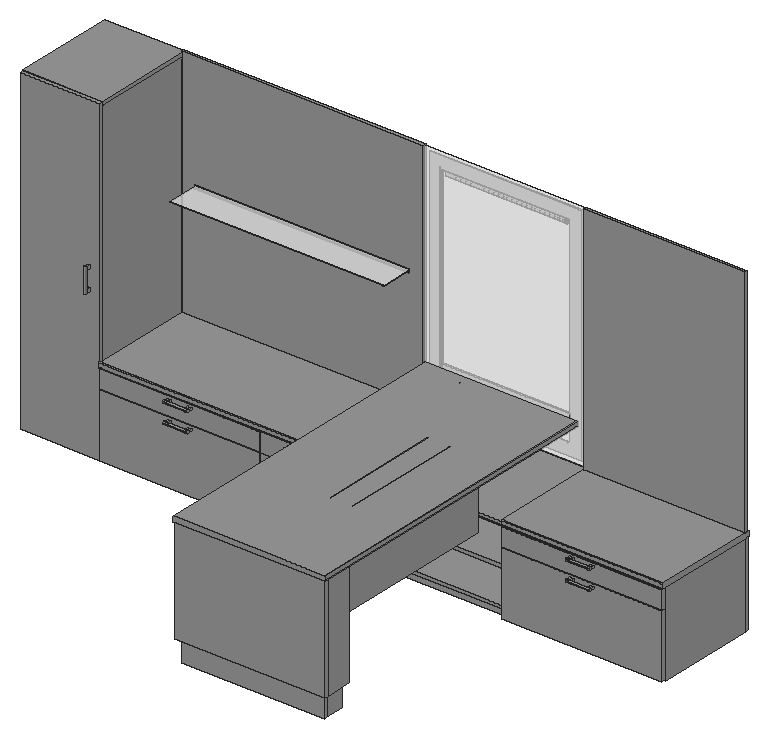
Revit family "JSI-Vision-Typical_Veneer-VSV122", category Furniture, Revit 2020 (continued)
Definition of nested family "JSI-Vision-Adjustable_Height_Peninsula_Desk-Credenza"
  Dimensions and locks (in)
    locked: Extrusion 12 sketch curve to plane 8 at 11.96875
    plane 1 "Center Front/Back" to Extrusion 12 sketch curve to Extrusion 12 sketch curve = 4 3/8" locked, 3/4" locked
    Extrusion 12 to Extrusion 12 to plane 5 = 39 3/4" locked, 7.21481" locked
    equal spacing: plane 7, plane 9, plane 1 "Center Front/Back"
    plane 7 to Extrusion 14 sketch curve to Extrusion 14 sketch curve = 1 5/32" locked, 3/4" locked
    Extrusion 14 sketch curve to Extrusion 14 sketch curve to plane 5 = 6" locked, 0.90231" locked
    plane 3 "Center Left/Right" to Extrusion 15 sketch curve to Extrusion 15 sketch curve to Extrusion 15 sketch curve to Extrusion 15 sketch curve to Extrusion 15 sketch curve to Extrusion 15 sketch curve = 2 27/32" locked, 2 13/16" locked, 3/4" locked, 1/4" locked, 1 3/8" locked, 1/4" locked
    Extrusion 15 sketch curve to Extrusion 15 sketch curve to plane 9 to Extrusion 15 sketch curve to Extrusion 15 sketch curve = 1/4" locked, 1 3/8" locked, 1 3/8" locked, 1/4" locked
    locked: plane 6 to Extrusion 14 at 24.65625
    aligned and locked: level to plane 2
    aligned and locked: plane 6 to Extrusion 1 sketch curve
    aligned and locked: plane 8 to Extrusion 1 sketch curve
    aligned and locked: plane 3 "Center Left/Right" to Extrusion 2 sketch curve
    aligned and locked: Extrusion 2 to plane 1 "Center Front/Back"
    aligned and locked: plane 7 to Extrusion 2
    aligned and locked: Extrusion 3 sketch curve to Extrusion 2
    aligned and locked: Extrusion 4 sketch curve to Extrusion 4 sketch curve  (x2)
    aligned and locked: Extrusion 4 to Extrusion 2
    aligned and locked: Extrusion 4 to plane 4
    aligned and locked: Extrusion 5 sketch curve to plane 3 "Center Left/Right"
    aligned and locked: Extrusion 5 to plane 4
    aligned and locked: Extrusion 5 to Extrusion 2
    aligned and locked: Extrusion 3 to Extrusion 5
    aligned and locked: Extrusion 4 to Extrusion 3
    aligned and locked: Extrusion 7 to Extrusion 6
    aligned and locked: Extrusion 8 to plane 8
    aligned and locked: Extrusion 10 sketch curve to Extrusion 10 sketch curve  (x2)
    aligned and locked: Extrusion 7 to Extrusion 4  (x2)
    aligned and locked: Extrusion 11 sketch curve to Extrusion 7
    aligned and locked: Extrusion 7 to Extrusion 11 sketch curve
    aligned and locked: Extrusion 11 sketch curve to plane 4
    aligned and locked: plane 4 to Extrusion 11 sketch curve
    aligned and locked: Extrusion 11 to Extrusion 4  (x2)
    aligned and locked: Extrusion 12 sketch curve to plane 8
    aligned and locked: Extrusion 13 sketch curve to plane 8  (x2)
    aligned and locked: Extrusion 14 sketch curve to Extrusion 14 sketch curve  (x2)
    aligned and locked: Extrusion 13 to Extrusion 14  (x2)
    aligned and locked: Extrusion 14 to Extrusion 13
    aligned and locked: Extrusion 14 to plane 8
    aligned and locked: Extrusion 2 to nested 2
    aligned and locked: Extrusion 2 to Extrusion 15
    aligned and locked: Extrusion 3 to Extrusion 15
    aligned and locked: Extrusion 8 to Extrusion 14
    aligned and locked: cut or joined group of Extrusion 3, Extrusion 15 to Extrusion 6  (x2)
    aligned and locked: curve 1 to Extrusion 1
    aligned and locked: curve 2 to Extrusion 1
    aligned and locked: curve 3 to Extrusion 1
    aligned and locked: curve 4 to Extrusion 1
    aligned and locked: curve 11 to Extrusion 8
    aligned and locked: curve 12 to Extrusion 8
    aligned and locked: curve 13 to Extrusion 8
    aligned and locked: curve 14 to Extrusion 8
    aligned and locked: curve 23 to Extrusion 12
    aligned and locked: curve 24 to Extrusion 12
    aligned and locked: curve 25 to Extrusion 12
    aligned and locked: curve 26 to Extrusion 12
  Automatic sketch dimensions
    Extrusion 1 sketch curve to Extrusion 1 sketch curve = 0.11811"  (x2)
    Extrusion 1 sketch curve to plane 8 = 1/8"
    Extrusion 1 sketch curve to Extrusion 1 sketch curve = 0"
    plane 3 "Center Left/Right" to Extrusion 4 sketch curve = 3/4"
    Extrusion 4 sketch curve to Extrusion 4 sketch curve = 22 1/8"
    level to Extrusion 6 sketch curve = 1 31/32"
    plane 3 "Center Left/Right" to Extrusion 6 sketch curve = 8.67028"
    Extrusion 6 sketch curve to Extrusion 6 sketch curve = 3/4"
    plane 8 to Extrusion 6 sketch curve = 12 11/32"
    level to Extrusion 7 sketch curve = 9.23844"
    Extrusion 7 sketch curve to Extrusion 7 sketch curve = 3/4"  (x2)
    level to Extrusion 7 sketch curve = 1 31/32"
    Extrusion 7 sketch curve to Extrusion 7 sketch curve = 0.32972"
    Extrusion 13 sketch curve to plane 7 = 1 29/32"
    Extrusion 13 sketch curve to plane 9 = 4 1/8"
    Extrusion 13 sketch curve to Extrusion 13 sketch curve = 1/4"  (x2)
    plane 9 to Extrusion 13 sketch curve = 3 7/8"
    plane 1 "Center Front/Back" to Extrusion 13 sketch curve = 1 29/32"
    Extrusion 13 sketch curve to Extrusion 13 sketch curve = 2 19/32"
    level to Extrusion 13 sketch curve = 4 27/32"
    plane 1 "Center Front/Back" to Extrusion 14 sketch curve = 1 29/32"
    Extrusion 14 sketch curve to Extrusion 14 sketch curve = 3/4"
    Extrusion 15 sketch curve to Extrusion 15 sketch curve = 1/4"
    Extrusion 15 sketch curve to Extrusion 15 sketch curve = 1/8"  (x3)
    Extrusion 15 sketch curve to Extrusion 15 sketch curve = 2 9/16"
    plane 9 to Extrusion 15 sketch curve = 1.40621"
    Extrusion 15 sketch curve to Extrusion 15 sketch curve = 0.03129"
    plane 1 "Center Front/Back" to curve 5 = 0"
    curve 5 to plane 3 "Center Left/Right" = 0"
    plane 7 to curve 7 = 0"
    curve 1 to curve 7 = 22.21087"
    curve 20 to plane 7 = 1 5/32"
    curve 20 to curve 21 = 6"
    plane 1 "Center Front/Back" to curve 16 = 1 5/32"
    curve 20 to curve 18 = 25/32"
    curve 20 to curve 19 = 3/4"
    curve 16 to curve 15 = 3/4"
    curve 10 to curve 9 = 0"
    curve 15 to curve 12 = 0"
    curve 20 to curve 18 = 0"
    curve 9 to curve 23 = 1.28519"
    curve 25 to curve 16 = 5/16"
  Nested families (in)
    nested 1: "Mechanism Credenza" at (0, -18, 0) x (0, 1, 0) z (0, 0, 1), Width <- "Width", Height <- "Height", Upper Leg Finish <- "Upper Leg Finish", Low Leg Finish <- "Low Leg Finish", Support Finish <- "Support Finish", type "Mechanism Credenza"
      with Width 72", Upper Leg Finish none, Support Finish none, Low Leg Finish none, Height 29 1/2"
    nested 2: "Top Grommet" at (7.34375, -18, 19.53125) x (0, -1, 0) z (0, 0, 1), Gromett Finish <- "Grommet Finish", type "Top Grommet"
      with Gromett Finish none
  Definition of nested family "Mechanism Credenza"
    Parameters (values of type "Mechanism Credenza")
      Width [instance] = 71.91413"
      Support Finish [instance] = none
      Low Leg Finish [instance] = none
      Height [instance] = 29 1/2"
      Default Elevation = 0"
      Upper Leg Finish [instance] = none
    Reference planes (in)
      plane 1 "Center (Front/Back)": y = 0
      plane 2: z = 0
      plane 3 "Center (Left/Right)": x = 0
      plane 4: z = 29.5
      plane 5: y = -71.91413
    Forms (in)
      Extrusion 1, solid, material <- "Upper Leg Finish"
        sketch origin (0, 0, 0) x (1, 0, 0) y (0, 1, 0)
          loop
            line (1.09518, -3.07875) -> (-1.05049, -3.07875)
            arc (-1.05049, -3.07875) -> (-1.12009, -3.10758) -> (-1.14892, -3.17718) r 0.09843
            line (-1.14892, -3.17718) -> (-1.14892, -5.32285)
            arc (-1.14892, -5.32285) -> (-1.12009, -5.39244) -> (-1.05049, -5.42127) r 0.09843
            line (-1.05049, -5.42127) -> (1.09518, -5.42127)
            arc (1.09518, -5.42127) -> (1.16477, -5.39244) -> (1.1936, -5.32285) r 0.09843
            line (1.1936, -5.32285) -> (1.1936, -3.17718)
            arc (1.1936, -3.17718) -> (1.16477, -3.10758) -> (1.09518, -3.07875) r 0.09843
          loop
            line (1.09518, -67.36147) -> (-1.05049, -67.36147)
            arc (-1.05049, -67.36147) -> (-1.12009, -67.3903) -> (-1.14892, -67.45989) r 0.09843
            line (-1.14892, -67.45989) -> (-1.14892, -69.60556)
            arc (-1.14892, -69.60556) -> (-1.12009, -69.67516) -> (-1.05049, -69.70399) r 0.09843
            line (-1.05049, -69.70399) -> (1.09518, -69.70399)
            arc (1.09518, -69.70399) -> (1.16477, -69.67516) -> (1.1936, -69.60556) r 0.09843
            line (1.1936, -69.60556) -> (1.1936, -67.45989)
            arc (1.1936, -67.45989) -> (1.16477, -67.3903) -> (1.09518, -67.36147) r 0.09843
        from 2.63878 to 26.43059
      Extrusion 2, solid, material <- "Support Finish"
        sketch origin (0, 0, 0) x (0, 1, 0) y (0, 0, 1)
          loop
            line (-2.08391, 26.43059) -> (-2.08391, 28.19439) -> (-10.74533, 28.19439) -> (-10.74533, 28.006) -> (-10.18323, 28.006) -> (-9.68304, 26.43059) -> (-2.08391, 26.43059)
          loop
            line (-70.66868, 26.43059) -> (-63.06954, 26.43059) -> (-62.56935, 28.006) -> (-62.00726, 28.006) -> (-62.00726, 28.19439) -> (-70.66868, 28.19439) -> (-70.66868, 26.43059)
        from -1.89028 to 1.90897
      Extrusion 3, solid, material <- "Low Leg Finish"
        sketch origin (0, 0, 0) x (1, 0, 0) y (0, 1, 0)
          loop
            arc (-1.25894, -2.84375) -> (-1.34733, -2.88036) -> (-1.38394, -2.96875) r 0.125
            line (-1.38394, -2.96875) -> (-1.38394, -5.53125)
            arc (-1.38394, -5.53125) -> (-1.34733, -5.61964) -> (-1.25894, -5.65625) r 0.125
            line (-1.25894, -5.65625) -> (1.30356, -5.65625)
            arc (1.30356, -5.65625) -> (1.39194, -5.61964) -> (1.42856, -5.53125) r 0.125
            line (1.42856, -5.53125) -> (1.42856, -2.96875)
            arc (1.42856, -2.96875) -> (1.39194, -2.88036) -> (1.30356, -2.84375) r 0.125
            line (1.30356, -2.84375) -> (-1.25894, -2.84375)
          loop
            arc (-1.25894, -67.12648) -> (-1.34733, -67.16309) -> (-1.38394, -67.25148) r 0.125
            line (-1.38394, -67.25148) -> (-1.38394, -69.81398)
            arc (-1.38394, -69.81398) -> (-1.34733, -69.90237) -> (-1.25894, -69.93898) r 0.125
            line (-1.25894, -69.93898) -> (1.30356, -69.93898)
            arc (1.30356, -69.93898) -> (1.39194, -69.90237) -> (1.42856, -69.81398) r 0.125
            line (1.42856, -69.81398) -> (1.42856, -67.25148)
            arc (1.42856, -67.25148) -> (1.39194, -67.16309) -> (1.30356, -67.12648) r 0.125
            line (1.30356, -67.12648) -> (-1.25894, -67.12648)
        from 2.34351 to 26.07628
      Extrusion 4, solid, material <- "Support Finish"
        sketch origin (0, 0, 0) x (1, 0, 0) y (0, 0, 1)
          loop
            arc (-3.00155, 28.19439) -> (-3.05752, 28.17121) -> (-3.08071, 28.11524) r 0.07915
            line (-3.08071, 28.11524) -> (-3.08071, 27.09142)
            arc (-3.08071, 27.09142) -> (-3.05782, 27.03617) -> (-3.00258, 27.01329) r 0.07813
            line (-3.00258, 27.01329) -> (-1.97781, 27.01329)
            arc (-1.97781, 27.01329) -> (-1.92257, 27.03617) -> (-1.89968, 27.09142) r 0.07813
            line (-1.89968, 27.09142) -> (-1.89968, 28.11627)
            arc (-1.89968, 28.11627) -> (-1.92257, 28.17151) -> (-1.97781, 28.19439) r 0.07813
            line (-1.97781, 28.19439) -> (-3.00155, 28.19439)
          loop
            line (3.00155, 28.19439) -> (1.97781, 28.19439)
            arc (1.97781, 28.19439) -> (1.92257, 28.17151) -> (1.89968, 28.11627) r 0.07813
            line (1.89968, 28.11627) -> (1.89968, 27.09142)
            arc (1.89968, 27.09142) -> (1.92257, 27.03617) -> (1.97781, 27.01329) r 0.07813
            line (1.97781, 27.01329) -> (3.00258, 27.01329)
            arc (3.00258, 27.01329) -> (3.05782, 27.03617) -> (3.08071, 27.09142) r 0.07813
            line (3.08071, 27.09142) -> (3.08071, 28.11524)
            arc (3.08071, 28.11524) -> (3.05752, 28.17121) -> (3.00155, 28.19439) r 0.07915
        from 2.00714 to 22.37918
      Extrusion 5, solid, material <- "Support Finish"
        sketch origin (0, -17, 0) x (1, 0, 0) y (0, 0, 1)
          loop
            arc (1.97884, 28.19439) -> (1.92287, 28.17121) -> (1.89968, 28.11524) r 0.07915
            line (1.89968, 28.11524) -> (1.89968, 27.09142)
            arc (1.89968, 27.09142) -> (1.92257, 27.03617) -> (1.97781, 27.01329) r 0.07813
            line (1.97781, 27.01329) -> (3.00374, 27.01329)
            arc (3.00374, 27.01329) -> (3.05816, 27.03583) -> (3.08071, 27.09025) r 0.07696
            line (3.08071, 27.09025) -> (3.08071, 28.11627)
            arc (3.08071, 28.11627) -> (3.05782, 28.17151) -> (3.00258, 28.19439) r 0.07813
            line (3.00258, 28.19439) -> (1.97884, 28.19439)
          loop
            line (-1.97884, 28.19439) -> (-3.00258, 28.19439)
            arc (-3.00258, 28.19439) -> (-3.05782, 28.17151) -> (-3.08071, 28.11627) r 0.07813
            line (-3.08071, 28.11627) -> (-3.08071, 27.09142)
            arc (-3.08071, 27.09142) -> (-3.05782, 27.03617) -> (-3.00258, 27.01329) r 0.07813
            line (-3.00258, 27.01329) -> (-1.97781, 27.01329)
            arc (-1.97781, 27.01329) -> (-1.92257, 27.03617) -> (-1.89968, 27.09142) r 0.07813
            line (-1.89968, 27.09142) -> (-1.89968, 28.11524)
            arc (-1.89968, 28.11524) -> (-1.92287, 28.17121) -> (-1.97884, 28.19439) r 0.07915
        from 33.37475 to 53.7468
      Extrusion 6, solid, material <- "Support Finish"
        sketch origin (0.22987, 0, 0) x (0, 1, 0) y (0, 0, 1)
          loop
            line (-1.88903, 26.00187) -> (-1.88903, 28.15611)
            arc (-1.88903, 28.15611) -> (-1.93483, 28.26669) -> (-2.04542, 28.3125) r 0.15639
            line (-2.04542, 28.3125) -> (-4.44808, 28.3125) -> (-4.44808, 28.19439) -> (-2.04533, 28.19439)
            arc (-2.04533, 28.19439) -> (-2.01832, 28.18321) -> (-2.00714, 28.1562) r 0.03819
            line (-2.00714, 28.1562) -> (-2.00714, 26.00187) -> (-1.88903, 26.00187)
          loop
            line (-70.86491, 26.00187) -> (-70.7468, 26.00187) -> (-70.7468, 28.1562)
            arc (-70.7468, 28.1562) -> (-70.73561, 28.18321) -> (-70.70861, 28.19439) r 0.03819
            line (-70.70861, 28.19439) -> (-68.30586, 28.19439) -> (-68.30586, 28.3125) -> (-70.70852, 28.3125)
            arc (-70.70852, 28.3125) -> (-70.8191, 28.26669) -> (-70.86491, 28.15611) r 0.15639
            line (-70.86491, 28.15611) -> (-70.86491, 26.00187)
        from -9.60269 to 9.15282
      Extrusion 7, void
        sketch origin (0, 0, 0) x (1, 0, 0) y (0, 0, 1)
          loop
            line (-2.79029, 26.74713) -> (-8.93675, 27.38618)
            arc (-8.93675, 27.38618) -> (-9.17651, 27.50808) -> (-9.27297, 27.75917) r 0.375
            line (-9.27297, 27.75917) -> (-9.27297, 28.49501) -> (-9.54129, 28.49501) -> (-9.54129, 25.74501) -> (-2.04129, 25.74501) -> (-2.04129, 25.99501)
            arc (-2.04129, 25.99501) -> (-2.30982, 26.09635) -> (-2.42804, 26.3579) r 0.37501
            arc (-2.42804, 26.3579) -> (-2.53617, 26.62045) -> (-2.79029, 26.74713) r 0.40427
          loop
            arc (2.79029, 26.74713) -> (2.53617, 26.62045) -> (2.42804, 26.3579) r 0.40427
            arc (2.42804, 26.3579) -> (2.30982, 26.09635) -> (2.04129, 25.99501) r 0.37501
            line (2.04129, 25.99501) -> (2.04129, 25.74501) -> (9.54129, 25.74501) -> (9.54129, 28.49501) -> (9.27297, 28.49501) -> (9.27297, 27.75917)
            arc (9.27297, 27.75917) -> (9.17651, 27.50808) -> (8.93675, 27.38618) r 0.375
            line (8.93675, 27.38618) -> (2.79029, 26.74713)
        from 0 to 71.91413
      Extrusion 8, solid, material <- "Support Finish"
        sketch origin (0, 0, 0) x (1, 0, 0) y (0, 0, 1)
          loop
            line (-2.95998, 28.19439) -> (-2.95998, 27.49106)
            arc (-2.95998, 27.49106) -> (-2.94367, 27.42126) -> (-2.89811, 27.36592) r 0.15748
            arc (-2.89811, 27.36592) -> (-2.46785, 27.22036) -> (-2.03759, 27.36592) r 0.70866
            arc (-2.03759, 27.36592) -> (-1.99204, 27.42126) -> (-1.97573, 27.49106) r 0.15748
            line (-1.97573, 27.49106) -> (-1.97573, 28.19439) -> (-2.95998, 28.19439)
          loop
            line (2.95998, 28.19439) -> (1.97573, 28.19439) -> (1.97573, 27.49106)
            arc (1.97573, 27.49106) -> (1.99204, 27.42126) -> (2.03759, 27.36592) r 0.15748
            arc (2.03759, 27.36592) -> (2.46785, 27.22036) -> (2.89811, 27.36592) r 0.70866
            arc (2.89811, 27.36592) -> (2.94367, 27.42126) -> (2.95998, 27.49106) r 0.15748
            line (2.95998, 27.49106) -> (2.95998, 28.19439)
        from 19.69808 to 53.05586
      Extrusion 9, void
        sketch origin (0, 0, 0) x (1, 0, 0) y (0, 1, 0)
          loop
            arc (-4.45866, -3.56324) -> (-4.5685, -3.29807) -> (-4.83366, -3.18824) r 0.375
            line (-4.83366, -3.18824) -> (-8.91827, -3.18824)
            arc (-8.91827, -3.18824) -> (-9.15848, -3.09928) -> (-9.28281, -2.87532) r 0.3688
            line (-9.28281, -2.87532) -> (-9.50324, -2.87532) -> (-9.50324, -4.5913) -> (-4.04569, -4.5913) -> (-4.04569, -4.46735)
            arc (-4.04569, -4.46735) -> (-4.33771, -4.3464) -> (-4.45866, -4.05438) r 0.41297
            line (-4.45866, -4.05438) -> (-4.45866, -3.56324)
          loop
            line (4.45866, -3.56324) -> (4.45866, -4.05438)
            arc (4.45866, -4.05438) -> (4.33771, -4.3464) -> (4.04569, -4.46735) r 0.41297
            line (4.04569, -4.46735) -> (4.04569, -4.5913) -> (9.50324, -4.5913) -> (9.50324, -2.87532) -> (9.28281, -2.87532)
            arc (9.28281, -2.87532) -> (9.15848, -3.09928) -> (8.91827, -3.18824) r 0.3688
            line (8.91827, -3.18824) -> (4.83366, -3.18824)
            arc (4.83366, -3.18824) -> (4.5685, -3.29807) -> (4.45866, -3.56324) r 0.375
          loop
            line (-4.45866, -69.1907) -> (-4.45866, -68.69956)
            arc (-4.45866, -68.69956) -> (-4.33771, -68.40754) -> (-4.04569, -68.28659) r 0.41297
            line (-4.04569, -68.28659) -> (-4.04569, -68.16264) -> (-9.50324, -68.16264) -> (-9.50324, -69.87861) -> (-9.28281, -69.87861)
            arc (-9.28281, -69.87861) -> (-9.15848, -69.65466) -> (-8.91827, -69.5657) r 0.3688
            line (-8.91827, -69.5657) -> (-4.83366, -69.5657)
            arc (-4.83366, -69.5657) -> (-4.5685, -69.45586) -> (-4.45866, -69.1907) r 0.375
          loop
            arc (4.45866, -69.1907) -> (4.5685, -69.45586) -> (4.83366, -69.5657) r 0.375
            line (4.83366, -69.5657) -> (8.91827, -69.5657)
            arc (8.91827, -69.5657) -> (9.15848, -69.65466) -> (9.28281, -69.87861) r 0.3688
            line (9.28281, -69.87861) -> (9.50324, -69.87861) -> (9.50324, -68.16264) -> (4.04569, -68.16264) -> (4.04569, -68.28659)
            arc (4.04569, -68.28659) -> (4.33771, -68.40754) -> (4.45866, -68.69956) r 0.41297
            line (4.45866, -68.69956) -> (4.45866, -69.1907)
        from 29.5 to 25.5
    Cuts and joins
      Extrusion 7, Extrusion 9 cuts Extrusion 6
    Lines and regions (in)
      symbolic lines
        curve 1: line (9.27297, -1.88903, 0) -> (-9.27297, -1.88903, 0)
        curve 2: line (-3.08071, -49.98105, 0) -> (-1.89968, -49.98105, 0)
        curve 3: line (-1.89968, -49.98105, 0) -> (-1.89968, -68.30586, 0)
        curve 4: line (-3.08071, -49.98105, 0) -> (-3.08071, -68.30586, 0)
        curve 5: line (3.08071, -49.98105, 0) -> (3.08071, -68.30586, 0)
        curve 6: line (3.08071, -49.98105, 0) -> (1.89968, -49.98105, 0)
        curve 7: line (1.89968, -49.98105, 0) -> (1.89968, -68.30586, 0)
        curve 8: line (-1.89968, -22.77289, 0) -> (-3.08071, -22.77289, 0)
        curve 9: line (-3.08071, -22.77289, 0) -> (-3.08071, -4.44808, 0)
        curve 10: line (-1.89968, -22.77289, 0) -> (-1.89968, -4.44808, 0)
        curve 11: line (1.89968, -22.77289, 0) -> (3.08071, -22.77289, 0)
        curve 12: line (3.08071, -22.77289, 0) -> (3.08071, -4.44808, 0)
        curve 13: line (1.89968, -22.77289, 0) -> (1.89968, -4.44808, 0)
        curve 14: line (-2.95998, -22.77289, 0) -> (-2.95998, -49.98105, 0)
        curve 15: line (-1.97884, -49.98105, 0) -> (-1.97884, -22.76845, 0)
        curve 16: line (1.97781, -22.77289, 0) -> (1.97781, -49.98105, 0)
        curve 17: line (2.95998, -49.98105, 0) -> (2.95998, -22.77289, 0)
        curve 18: line (-8.91827, -3.18824, 0) -> (-4.83366, -3.18824, 0)
        curve 19: arc (-4.83366, -3.18824, 0) -> (-4.5685, -3.29807, 0) -> (-4.45866, -3.56324, 0) r 0.375
        curve 20: line (-4.45866, -3.56324, 0) -> (-4.45866, -4.05438, 0)
        curve 21: arc (-4.45866, -4.05438, 0) -> (-4.37888, -4.29837, 0) -> (-4.17037, -4.44808, 0) r 0.41297
        curve 22: line (-4.17037, -4.44808, 0) -> (4.17037, -4.44808, 0)
        curve 23: arc (4.17037, -4.44808, 0) -> (4.37888, -4.29837, 0) -> (4.45866, -4.05438, 0) r 0.41297
        curve 24: line (4.45866, -4.05438, 0) -> (4.45866, -3.56324, 0)
        curve 25: arc (4.45866, -3.56324, 0) -> (4.5685, -3.29807, 0) -> (4.83366, -3.18824, 0) r 0.375
        curve 26: line (4.83366, -3.18824, 0) -> (8.91827, -3.18824, 0)
        curve 27: arc (8.91827, -3.18824, 0) -> (9.14049, -3.11377, 0) -> (9.27297, -2.92044, 0) r 0.3688
        curve 28: line (9.27297, -2.92044, 0) -> (9.27297, -1.88903, 0)
        curve 29: line (9.27297, -1.88903, 0) -> (-9.27297, -1.88903, 0)
        curve 30: line (-9.27297, -1.88903, 0) -> (-9.27297, -2.92044, 0)
        curve 31: arc (-9.27297, -2.92044, 0) -> (-9.14049, -3.11377, 0) -> (-8.91827, -3.18824, 0) r 0.3688
        curve 32: line (-4.83366, -69.5657, 0) -> (-8.91827, -69.5657, 0)
        curve 33: arc (-8.91827, -69.5657, 0) -> (-9.14049, -69.64016, 0) -> (-9.27297, -69.83349, 0) r 0.3688
        curve 34: line (-9.27297, -69.83349, 0) -> (-9.27297, -70.86491, 0)
        curve 35: line (-9.27297, -70.86491, 0) -> (9.27297, -70.86491, 0)
        curve 36: line (9.27297, -70.86491, 0) -> (9.27297, -69.83349, 0)
        curve 37: arc (9.27297, -69.83349, 0) -> (9.14049, -69.64016, 0) -> (8.91827, -69.5657, 0) r 0.3688
        curve 38: line (8.91827, -69.5657, 0) -> (4.83366, -69.5657, 0)
        curve 39: arc (4.83366, -69.5657, 0) -> (4.5685, -69.45586, 0) -> (4.45866, -69.1907, 0) r 0.375
        curve 40: line (4.45866, -69.1907, 0) -> (4.45866, -68.69956, 0)
        curve 41: arc (4.45866, -68.69956, 0) -> (4.37888, -68.45557, 0) -> (4.17037, -68.30586, 0) r 0.41297
        curve 42: line (4.17037, -68.30586, 0) -> (-4.17037, -68.30586, 0)
        curve 43: arc (-4.17037, -68.30586, 0) -> (-4.37888, -68.45557, 0) -> (-4.45866, -68.69956, 0) r 0.41297
        curve 44: line (-4.45866, -68.69956, 0) -> (-4.45866, -69.1907, 0)
        curve 45: arc (-4.45866, -69.1907, 0) -> (-4.5685, -69.45586, 0) -> (-4.83366, -69.5657, 0) r 0.375
    Dimensions and locks (in)
      plane 2 to Extrusion 3 to Extrusion 3 = 2.34351", 23.73278"
      "Height": plane 2 to plane 4
      Extrusion 1 to Extrusion 1 to plane 4 = 23.79181" locked, 3.06941" locked
      Extrusion 2 sketch curve to Extrusion 2 sketch curve to Extrusion 2 sketch curve to plane 4 = 1.57541" locked, 0.18839" locked, 1.30561" locked  (x2)
      plane 1 "Center (Front/Back)" to Extrusion 4 to Extrusion 8 to Extrusion 4 = 2.00714" locked, 17.69094" locked, 2.6811" locked
      Extrusion 4 sketch curve to Extrusion 4 sketch curve to Extrusion 4 sketch curve to Extrusion 4 sketch curve to plane 3 "Center (Left/Right)" to Extrusion 4 sketch curve to Extrusion 4 sketch curve to Extrusion 4 sketch curve to Extrusion 4 sketch curve = 0.07915" locked, 1.02374" locked, 5/64" locked, 1.89968" locked, 1.89968" locked, 5/64" locked, 1.02374" locked, 0.07915" locked
      plane 4 to Extrusion 4 sketch curve to Extrusion 4 sketch curve to Extrusion 4 sketch curve to Extrusion 4 sketch curve = 1.30561" locked, 0.07915" locked, 1.02382" locked, 5/64" locked
      plane 1 "Center (Front/Back)" to Extrusion 2 sketch curve to Extrusion 2 sketch curve to Extrusion 2 sketch curve to Extrusion 2 sketch curve = 2.08391" locked, 7.59913" locked, 0.50019" locked, 0.5621" locked
      Extrusion 3 sketch curve to plane 3 "Center (Left/Right)" to Extrusion 3 sketch curve = 1.38394" locked, 1.42856" locked
      Extrusion 3 sketch curve to Extrusion 3 sketch curve to plane 1 "Center (Front/Back)" = 2 13/16" locked, 2 27/32" locked
      Extrusion 3 sketch curve to Extrusion 3 sketch curve to plane 5 = 2 13/16" locked, 1.97515" locked
      Extrusion 1 sketch curve to Extrusion 1 sketch curve to plane 5 = 2.34252" locked, 2.21014" locked
      Extrusion 5 to Extrusion 8 to Extrusion 5 to plane 5 = 2.6811" locked, 17.69094" locked, 1.16733" locked
      Extrusion 5 sketch curve to Extrusion 5 sketch curve to Extrusion 5 sketch curve to Extrusion 5 sketch curve to Extrusion 5 sketch curve to Extrusion 5 sketch curve to Extrusion 5 sketch curve to Extrusion 5 sketch curve = 5/64" locked, 1.02374" locked, 0.07915" locked, 3.79937" locked, 0.07915" locked, 1.02374" locked, 5/64" locked
      plane 4 to Extrusion 5 sketch curve to Extrusion 5 sketch curve to Extrusion 5 sketch curve to Extrusion 5 sketch curve = 1.30561" locked, 0.07915" locked, 1.02382" locked, 5/64" locked
      plane 1 "Center (Front/Back)" to Extrusion 6 sketch curve to Extrusion 6 sketch curve to Extrusion 6 sketch curve to Extrusion 6 sketch curve = 1.88903" locked, 0.11811" locked, 0.03819" locked, 2.40275" locked
      Extrusion 6 sketch curve to Extrusion 6 sketch curve to Extrusion 6 sketch curve to Extrusion 6 sketch curve to plane 5 = 2.40275" locked, 0.03819" locked, 0.11811" locked, 1.04922" locked
      Extrusion 6 to plane 3 "Center (Left/Right)" to Extrusion 6 = 9.37282" locked, 9.38268" locked
      Extrusion 7 sketch curve to Extrusion 7 sketch curve to Extrusion 7 sketch curve to Extrusion 7 sketch curve to Extrusion 7 sketch curve to Extrusion 7 sketch curve to plane 3 "Center (Left/Right)" to Extrusion 7 sketch curve to Extrusion 7 sketch curve to Extrusion 7 sketch curve to Extrusion 7 sketch curve to Extrusion 7 sketch curve to Extrusion 7 sketch curve = 0.26831" locked, 3/8" locked, 6.06587" locked, 0.77888" locked, 0.01193" locked, 2.04129" locked, 2.04129" locked, 0.01193" locked, 0.77888" locked, 6.06587" locked, 3/8" locked, 0.26831" locked
      plane 4 to Extrusion 7 sketch curve to Extrusion 7 sketch curve to Extrusion 7 sketch curve to Extrusion 7 sketch curve to Extrusion 7 sketch curve = 1.00499" locked, 0.73585" locked, 1.38933" locked, 0.0248" locked, 0.60002" locked
      plane 5 to Extrusion 2 sketch curve to Extrusion 2 sketch curve to Extrusion 2 sketch curve to Extrusion 2 sketch curve = 1.24545" locked, 7.59913" locked, 0.50019" locked, 0.5621" locked
      plane 4 to Extrusion 8 sketch curve to Extrusion 8 sketch curve to Extrusion 8 sketch curve to Extrusion 8 sketch curve = 1.30561" locked, 0.26537" locked, 0.43796" locked, 0" locked
      Extrusion 8 sketch curve to Extrusion 8 sketch curve to Extrusion 8 sketch curve to Extrusion 8 sketch curve to Extrusion 8 sketch curve to plane 3 "Center (Left/Right)" to Extrusion 8 sketch curve to Extrusion 8 sketch curve to Extrusion 8 sketch curve to Extrusion 8 sketch curve to Extrusion 8 sketch curve = 0.15748" locked, 0.33465" locked, 0.33465" locked, 0.15748" locked, 1.97573" locked, 1.97573" locked, 0.15748" locked, 0.33465" locked, 0.33465" locked, 0.15748" locked
      "Width": plane 1 "Center (Front/Back)" to plane 5
      Extrusion 9 sketch curve to Extrusion 9 sketch curve to Extrusion 9 sketch curve to Extrusion 9 sketch curve to Extrusion 9 sketch curve to Extrusion 9 sketch curve to plane 1 "Center (Front/Back)" = 0.53691" locked, 0.49114" locked, 3/8" locked, 0.31292" locked, 0.05588" locked, 2.81944" locked
      Extrusion 9 sketch curve to Extrusion 9 sketch curve to Extrusion 9 sketch curve to Extrusion 9 sketch curve to Extrusion 9 sketch curve to Extrusion 9 sketch curve to plane 5 = 0.53691" locked, 0.49114" locked, 3/8" locked, 0.31292" locked, 0.05588" locked, 1.97963" locked
      locked: Extrusion 9 to Extrusion 9 at 4
      aligned and locked: plane 2 to level
      aligned and locked: Extrusion 1 to Extrusion 2
      aligned and locked: Extrusion 4 sketch curve to Extrusion 4 sketch curve
      aligned and locked: Extrusion 3 sketch curve to Extrusion 3 sketch curve  (x2)
      aligned and locked: Extrusion 1 sketch curve to Extrusion 1 sketch curve  (x2)
      aligned and locked: Extrusion 5 sketch curve to Extrusion 5 sketch curve
      aligned and locked: Extrusion 6 sketch curve to Extrusion 6 sketch curve  (x2)
      aligned and locked: Extrusion 7 sketch curve to Extrusion 7 sketch curve  (x2)
      aligned and locked: Extrusion 7 to plane 1 "Center (Front/Back)"
      aligned and locked: Extrusion 7 to plane 5
      aligned and locked: Extrusion 4 to cut or joined group of Extrusion 6, Extrusion 7, Extrusion 9
      aligned and locked: Extrusion 5 to cut or joined group of Extrusion 6, Extrusion 7, Extrusion 9
      aligned and locked: Extrusion 8 sketch curve to Extrusion 8 sketch curve
      aligned and locked: Extrusion 8 to curve 14
      aligned and locked: Extrusion 4 to curve 16
      aligned and locked: Extrusion 8 to curve 17
      aligned and locked: Extrusion 9 sketch curve to Extrusion 9 sketch curve  (x6)
      aligned and locked: Extrusion 9 to plane 4
      aligned and locked: curve 19 to cut or joined group of Extrusion 6, Extrusion 7, Extrusion 9
      aligned and locked: curve 21 to cut or joined group of Extrusion 6, Extrusion 7, Extrusion 9
      aligned and locked: curve 22 to cut or joined group of Extrusion 6, Extrusion 7, Extrusion 9
      aligned and locked: curve 23 to cut or joined group of Extrusion 6, Extrusion 7, Extrusion 9
      aligned and locked: curve 25 to cut or joined group of Extrusion 6, Extrusion 7, Extrusion 9
      aligned and locked: curve 27 to cut or joined group of Extrusion 6, Extrusion 7, Extrusion 9
      aligned and locked: curve 31 to cut or joined group of Extrusion 6, Extrusion 7, Extrusion 9
      aligned and locked: curve 29 to cut or joined group of Extrusion 6, Extrusion 7, Extrusion 9
      aligned and locked: curve 33 to cut or joined group of Extrusion 6, Extrusion 7, Extrusion 9
      aligned and locked: curve 37 to cut or joined group of Extrusion 6, Extrusion 7, Extrusion 9
      aligned and locked: curve 41 to cut or joined group of Extrusion 6, Extrusion 7, Extrusion 9
      aligned and locked: curve 42 to cut or joined group of Extrusion 6, Extrusion 7, Extrusion 9
      aligned and locked: curve 45 to cut or joined group of Extrusion 6, Extrusion 7, Extrusion 9
      aligned and locked: curve 35 to cut or joined group of Extrusion 6, Extrusion 7, Extrusion 9
    Automatic sketch dimensions
      curve 8 to curve 14 = 0.12073"
      curve 4 to curve 14 = 0.12073"
      curve 14 to curve 3 = 1.06029"
      curve 14 to curve 10 = 1.06029"
      curve 6 to curve 16 = 5/64"
      curve 13 to curve 16 = 5/64"
      curve 17 to curve 11 = 0.12073"
      curve 17 to curve 5 = 0.12073"
      curve 4 to curve 4 = 18.3248"
      curve 2 to curve 7 = 0"
      curve 8 to curve 11 = 0"
      curve 15 to curve 2 = 0.07915"
      curve 8 to curve 15 = 0.00443"
      Extrusion 1 sketch curve to plane 3 "Center (Left/Right)" = 1.14892"
      Extrusion 1 sketch curve to Extrusion 1 sketch curve = 0.09843"  (x5)
      plane 3 "Center (Left/Right)" to Extrusion 1 sketch curve = 1.09518"  (x4)
      plane 1 "Center (Front/Back)" to Extrusion 1 sketch curve = 5.42127"
      Extrusion 1 sketch curve to Extrusion 1 sketch curve = 2.14567"
      Extrusion 3 sketch curve to Extrusion 3 sketch curve = 1/8"  (x8)
      Extrusion 4 sketch curve to Extrusion 4 sketch curve = 5/64"  (x3)
      Extrusion 4 sketch curve to Extrusion 4 sketch curve = 1.10195"
      Extrusion 5 sketch curve to plane 3 "Center (Left/Right)" = 3.08071"
      Extrusion 5 sketch curve to Extrusion 5 sketch curve = 5/64"  (x2)
      Extrusion 5 sketch curve to Extrusion 5 sketch curve = 0.07696"
      Extrusion 5 sketch curve to Extrusion 5 sketch curve = 1.10195"
      Extrusion 6 sketch curve to Extrusion 6 sketch curve = 0.00009"  (x2)
      plane 4 to Extrusion 6 sketch curve = 3.49813"  (x2)
      plane 4 to Extrusion 6 sketch curve = 1.34389"
      Extrusion 6 sketch curve to Extrusion 6 sketch curve = 0.0001"
      plane 4 to Extrusion 7 sketch curve = 2.11382"  (x2)
      Extrusion 7 sketch curve to Extrusion 7 sketch curve = 0.04181"  (x2)
      Extrusion 7 sketch curve to Extrusion 7 sketch curve = 0.03878"
      Extrusion 7 sketch curve to Extrusion 7 sketch curve = 1/4"  (x2)
      Extrusion 7 sketch curve to Extrusion 7 sketch curve = 0.35002"
      Extrusion 7 sketch curve to Extrusion 7 sketch curve = 0.37482"
      Extrusion 7 sketch curve to Extrusion 7 sketch curve = 0.4021"  (x2)
      Extrusion 8 sketch curve to Extrusion 8 sketch curve = 0.70334"  (x2)
      Extrusion 8 sketch curve to Extrusion 8 sketch curve = 0.43796"
      Extrusion 8 sketch curve to Extrusion 8 sketch curve = 0"  (x2)
      Extrusion 9 sketch curve to plane 3 "Center (Left/Right)" = 9.50324"  (x2)
      Extrusion 9 sketch curve to Extrusion 9 sketch curve = 0.22043"  (x3)
      Extrusion 9 sketch curve to Extrusion 9 sketch curve = 4.08461"  (x4)
      Extrusion 9 sketch curve to Extrusion 9 sketch curve = 0.41297"  (x4)
      plane 5 to Extrusion 9 sketch curve = 3.21457"
      plane 3 "Center (Left/Right)" to Extrusion 9 sketch curve = 4.04569"  (x2)
      Extrusion 9 sketch curve to Extrusion 9 sketch curve = 3/8"  (x2)
      plane 5 to Extrusion 9 sketch curve = 1.97963"
      Extrusion 9 sketch curve to Extrusion 9 sketch curve = 0.36454"
      Extrusion 9 sketch curve to Extrusion 9 sketch curve = 0.58497"
      Extrusion 9 sketch curve to Extrusion 9 sketch curve = 0.12394"
      curve 9 to curve 9 = 18.3248"
      curve 26 to curve 28 = 0.2678"
      curve 18 to curve 30 = 0.2678"
      curve 43 to curve 42 = 0.2883"
      curve 43 to curve 43 = 0.12467"
      curve 40 to curve 38 = 3/8"
      curve 33 to curve 34 = 0.101"
      curve 37 to curve 36 = 0.101"
  Definition of nested family "Top Grommet"
    Parameters (values of type "Top Grommet")
      Gromett Finish [instance] = none
      Default Elevation = 0"
    Reference planes (in)
      plane 1 "Center Front/Back": y = 0
      plane 2: z = 0
      plane 3 "Center Left/Right": x = 0
    Forms (in)
      Sweep 1, solid, material <- "Gromett Finish"
        path origin (0, 0, 0) x (1, 0, 0) y (0, 1, 0)
          loop
            line (-1.75, 0.6875) -> (-1.75, -0.6875)
            arc (-1.75, -0.6875) -> (-1.64016, -0.95267) -> (-1.375, -1.0625) r 0.375
            line (-1.375, -1.0625) -> (1.375, -1.0625)
            arc (1.375, -1.0625) -> (1.64016, -0.95267) -> (1.75, -0.6875) r 0.375
            line (1.75, -0.6875) -> (1.75, 0.6875)
            arc (1.75, 0.6875) -> (1.64016, 0.95267) -> (1.375, 1.0625) r 0.375
            line (1.375, 1.0625) -> (-1.375, 1.0625)
            arc (-1.375, 1.0625) -> (-1.64016, 0.95267) -> (-1.75, 0.6875) r 0.375
        profile origin (-1.75, 0, 0) x (1, 0, 0) y (0, 0, 1)
          loop
            line (0.1875, 0) -> (0.1875, 0.03125) -> (0.08268, 0.03125)
            arc (0.08268, 0.03125) -> (0.03849, 0.02318) -> (0, 0) r 0.125
            line (0, 0) -> (0.1875, 0)
      Extrusion 2, solid, material <- "Gromett Finish"
        sketch origin (0, 0, 0) x (1, 0, 0) y (0, 1, 0)
          loop
            line (0.59375, 0.40625) -> (-0.59375, 0.40625)
            arc (-0.59375, 0.40625) -> (-0.77053, 0.33303) -> (-0.84375, 0.15625) r 0.25
            line (-0.84375, 0.15625) -> (-0.84375, -0.15625)
            arc (-0.84375, -0.15625) -> (-0.77053, -0.33303) -> (-0.59375, -0.40625) r 0.25
            line (-0.59375, -0.40625) -> (0.59375, -0.40625)
            arc (0.59375, -0.40625) -> (0.77053, -0.33303) -> (0.84375, -0.15625) r 0.25
            line (0.84375, -0.15625) -> (0.84375, 0.15625)
            arc (0.84375, 0.15625) -> (0.77053, 0.33303) -> (0.59375, 0.40625) r 0.25
          loop
            line (1.375, 0.85938) -> (-1.375, 0.85938)
            arc (-1.375, 0.85938) -> (-1.49653, 0.80903) -> (-1.54687, 0.6875) r 0.17188
            line (-1.54687, 0.6875) -> (-1.54687, -0.6875)
            arc (-1.54687, -0.6875) -> (-1.49653, -0.80903) -> (-1.375, -0.85937) r 0.17187
            line (-1.375, -0.85937) -> (1.375, -0.85937)
            arc (1.375, -0.85937) -> (1.49653, -0.80903) -> (1.54687, -0.6875) r 0.17188
            line (1.54687, -0.6875) -> (1.54687, 0.6875)
            arc (1.54687, 0.6875) -> (1.49653, 0.80903) -> (1.375, 0.85938) r 0.17188
        from -0.09375 to 0.03125
    Lines and regions (in)
      symbolic lines
        curve 1: line (-1.75, 0.6875, 0) -> (-1.75, -0.6875, 0)
        curve 2: arc (-1.75, -0.6875, 0) -> (-1.64016, -0.95267, 0) -> (-1.375, -1.0625, 0) r 0.375
        curve 3: line (-1.375, -1.0625, 0) -> (1.375, -1.0625, 0)
        curve 4: arc (1.375, -1.0625, 0) -> (1.64016, -0.95267, 0) -> (1.75, -0.6875, 0) r 0.375
        curve 5: line (1.75, -0.6875, 0) -> (1.75, 0.6875, 0)
        curve 6: arc (1.75, 0.6875, 0) -> (1.64016, 0.95267, 0) -> (1.375, 1.0625, 0) r 0.375
        curve 7: line (1.375, 1.0625, 0) -> (-1.375, 1.0625, 0)
        curve 8: arc (-1.375, 1.0625, 0) -> (-1.64016, 0.95267, 0) -> (-1.75, 0.6875, 0) r 0.375
        curve 9: line (0.59375, 0.40625, 0) -> (-0.59375, 0.40625, 0)
        curve 10: arc (-0.59375, 0.40625, 0) -> (-0.77053, 0.33303, 0) -> (-0.84375, 0.15625, 0) r 0.25
        curve 11: line (-0.84375, 0.15625, 0) -> (-0.84375, -0.15625, 0)
        curve 12: arc (-0.84375, -0.15625, 0) -> (-0.77053, -0.33303, 0) -> (-0.59375, -0.40625, 0) r 0.25
        curve 13: line (-0.59375, -0.40625, 0) -> (0.59375, -0.40625, 0)
        curve 14: arc (0.59375, -0.40625, 0) -> (0.77053, -0.33303, 0) -> (0.84375, -0.15625, 0) r 0.25
        curve 15: line (0.84375, -0.15625, 0) -> (0.84375, 0.15625, 0)
        curve 16: arc (0.84375, 0.15625, 0) -> (0.77053, 0.33303, 0) -> (0.59375, 0.40625, 0) r 0.25
    Dimensions and locks (in)
      aligned and locked: level to plane 2
Definition of nested family "JSI-Vision-Wall_Panel_Laminate"
  Parameters (values of type "Type Catalog")
    Width = 60"
    URL = "www.jsifurniture.com"
    Type Comments = ""
    Series = "Vision Casegoods"  # constant formula
    Model = "Type Catalog"
    Material = ""
    Manufacturer = "JSI"  # constant formula
    Keynote = "12500"  # constant formula
    SVX Enviromental Website = "http://www.jsifurniture.com/jsi_sustainability_intro.php"
    Height = 25"
    Hardware Finish = none
    Description = "Type Catalog"
    Depth = 15/16"
    Panel Finish = none
    Default Elevation = 0"
    Assembly Code = "E2020200"
  Reference planes (in)
    plane 1 "Center Front/Back": y = 0
    plane 2: z = 0
    plane 3 "Center Left/Right": x = 0
    plane 4: z = 0
    plane 5: z = 54.5
    plane 6: x = 60
    plane 7: y = -0.9375
    plane 8: z = 29.5
  Forms (in)
    Extrusion 1, solid, material <- "Panel Finish"
      sketch origin (0, -0.25, 0) x (1, 0, 0) y (0, 0, 1)
        loop
          line (0, 54.5) -> (0, 29.5) -> (60, 29.5) -> (60, 54.5) -> (0, 54.5)
      from 0.03002 to 0.6875
    Extrusion 2, solid, material <- "Hardware Finish"
      sketch origin (0, 0, 0) x (0, 1, 0) y (0, 0, 1)
        loop
          line (0, 36.40108) -> (0, 39.0625) -> (-0.28002, 39.0625) -> (-0.28002, 36.40108) -> (-0.20128, 36.40108) -> (-0.20128, 36.95226) -> (-0.07874, 36.95226) -> (-0.07874, 36.40108) -> (0, 36.40108)
      from 32.33858 to 3.66142
    Extrusion 3, solid, material <- "Hardware Finish"
      sketch origin (0, 0, 0) x (0, 1, 0) y (0, 0, 1)
        loop
          line (-0.1808, 36.95191) -> (-0.1808, 36.15) -> (-0.0558, 36.15) -> (-0.0558, 35.15) -> (0.0192, 35.15) -> (0.0192, 35.23062)
          arc (0.0192, 35.23062) -> (-0.01092, 35.26074) -> (0.0192, 35.29087) r 0.03012
          line (0.0192, 35.29087) -> (0.0192, 35.35562)
          arc (0.0192, 35.35562) -> (-0.01092, 35.38574) -> (0.0192, 35.41587) r 0.03012
          line (0.0192, 35.41587) -> (0.0192, 35.48062)
          arc (0.0192, 35.48062) -> (-0.01092, 35.51074) -> (0.0192, 35.54087) r 0.03012
          line (0.0192, 35.54087) -> (0.0192, 35.60562)
          arc (0.0192, 35.60562) -> (-0.01092, 35.63574) -> (0.0192, 35.66587) r 0.03012
          line (0.0192, 35.66587) -> (0.0192, 35.73062)
          arc (0.0192, 35.73062) -> (-0.01092, 35.76074) -> (0.0192, 35.79087) r 0.03012
          line (0.0192, 35.79087) -> (0.0192, 35.85562)
          arc (0.0192, 35.85562) -> (-0.01092, 35.88574) -> (0.0192, 35.91587) r 0.03012
          line (0.0192, 35.91587) -> (0.0192, 35.98062)
          arc (0.0192, 35.98062) -> (-0.01092, 36.01074) -> (0.0192, 36.04087) r 0.03012
          line (0.0192, 36.04087) -> (0.0192, 36.4) -> (-0.0858, 36.4) -> (-0.0858, 36.95191) -> (-0.1808, 36.95191)
        loop
          line (-0.1808, 51.38941) -> (-0.1808, 50.5875) -> (-0.0558, 50.5875) -> (-0.0558, 49.5875) -> (0.0192, 49.5875) -> (0.0192, 49.66812)
          arc (0.0192, 49.66812) -> (-0.01092, 49.69824) -> (0.0192, 49.72837) r 0.03012
          line (0.0192, 49.72837) -> (0.0192, 49.79312)
          arc (0.0192, 49.79312) -> (-0.01092, 49.82324) -> (0.0192, 49.85337) r 0.03012
          line (0.0192, 49.85337) -> (0.0192, 49.91812)
          arc (0.0192, 49.91812) -> (-0.01092, 49.94824) -> (0.0192, 49.97837) r 0.03012
          line (0.0192, 49.97837) -> (0.0192, 50.04312)
          arc (0.0192, 50.04312) -> (-0.01092, 50.07324) -> (0.0192, 50.10337) r 0.03012
          line (0.0192, 50.10337) -> (0.0192, 50.16812)
          arc (0.0192, 50.16812) -> (-0.01092, 50.19824) -> (0.0192, 50.22837) r 0.03012
          line (0.0192, 50.22837) -> (0.0192, 50.29312)
          arc (0.0192, 50.29312) -> (-0.01092, 50.32324) -> (0.0192, 50.35337) r 0.03012
          line (0.0192, 50.35337) -> (0.0192, 50.41812)
          arc (0.0192, 50.41812) -> (-0.01092, 50.44824) -> (0.0192, 50.47837) r 0.03012
          line (0.0192, 50.47837) -> (0.0192, 50.8375) -> (-0.0858, 50.8375) -> (-0.0858, 51.38941) -> (-0.1808, 51.38941)
      from 55.715 to 4.285
  Lines and regions (in)
    symbolic lines
      curve 1: line (0, -0.28002, 0) -> (60, -0.28002, 0)
      curve 2: line (0, -0.9375, 0) -> (0, -0.28002, 0)
      curve 3: line (60, -0.9375, 0) -> (0, -0.9375, 0)
      curve 4: line (60, -0.28002, 0) -> (60, -0.9375, 0)
      curve 5: line (1, -0.28002, 0) -> (1, 0, 0)
      curve 6: line (1, 0, 0) -> (59, 0, 0)
      curve 7: line (59, 0, 0) -> (59, -0.28002, 0)
  Dimensions and locks (in)
    "Width": plane 3 "Center Left/Right" to plane 6
    "Depth": plane 1 "Center Front/Back" to plane 7
    locked: plane 1 "Center Front/Back" to Extrusion 1 at 0.28002
    locked: plane 8 to plane 4 at 29.5
    "Height": plane 5 to plane 8
    Extrusion 2 sketch curve to Extrusion 2 sketch curve to Extrusion 2 sketch curve to plane 8 = 2.11024" locked, 0.55118" locked, 6.90108" locked
    plane 8 to Extrusion 3 sketch curve to Extrusion 3 sketch curve to Extrusion 3 sketch curve to Extrusion 3 sketch curve to Extrusion 3 sketch curve to Extrusion 3 sketch curve to Extrusion 3 sketch curve to Extrusion 3 sketch curve to Extrusion 3 sketch curve to Extrusion 3 sketch curve to Extrusion 3 sketch curve = 5.65" locked, 0.11074" locked, 1/8" locked, 1/8" locked, 1/8" locked, 1/8" locked, 1/8" locked, 1/8" locked, 0.13926" locked, 1/4" locked, 0.55191" locked
    Extrusion 3 sketch curve to Extrusion 3 sketch curve to Extrusion 3 sketch curve to Extrusion 3 sketch curve to Extrusion 3 sketch curve to Extrusion 3 sketch curve to Extrusion 3 sketch curve to Extrusion 3 sketch curve to Extrusion 3 sketch curve to Extrusion 3 sketch curve to Extrusion 3 sketch curve to plane 5 = 0.11074" locked, 1/8" locked, 1/8" locked, 1/8" locked, 1/8" locked, 1/8" locked, 1/8" locked, 0.13926" locked, 1/4" locked, 0.55191" locked, 3.11059" locked
    locked: plane 3 "Center Left/Right" to Extrusion 3 at 4.285
    locked: plane 6 to Extrusion 3 at 4.285
    aligned and locked: level to plane 2
    aligned and locked: plane 3 "Center Left/Right" to Extrusion 1 sketch curve
    aligned and locked: plane 6 to Extrusion 1 sketch curve
    aligned and locked: Extrusion 1 to plane 7
    aligned and locked: Extrusion 1 to plane 6
    aligned and locked: Extrusion 1 to plane 3 "Center Left/Right"
    aligned and locked: Extrusion 1 to plane 8
    aligned and locked: Extrusion 2 sketch curve to Extrusion 2 sketch curve
    aligned and locked: curve 1 to Extrusion 1
    aligned and locked: curve 2 to Extrusion 1
    aligned and locked: curve 3 to Extrusion 1
    aligned and locked: curve 4 to Extrusion 1
  Automatic sketch dimensions
    Extrusion 1 sketch curve to plane 8 = 0"
    Extrusion 1 sketch curve to plane 5 = 0"
    Extrusion 2 sketch curve to plane 1 "Center Front/Back" = 0"
    plane 1 "Center Front/Back" to Extrusion 2 sketch curve = 0.07874"
    Extrusion 2 sketch curve to Extrusion 2 sketch curve = 0.12254"
    Extrusion 2 sketch curve to Extrusion 2 sketch curve = 0.07874"
    plane 1 "Center Front/Back" to Extrusion 3 sketch curve = 0.1808"  (x2)
    plane 1 "Center Front/Back" to Extrusion 3 sketch curve = 0.0858"  (x2)
    plane 1 "Center Front/Back" to Extrusion 3 sketch curve = 0.0558"  (x2)
    Extrusion 3 sketch curve to plane 1 "Center Front/Back" = 0.0192"  (x2)
    Extrusion 3 sketch curve to Extrusion 3 sketch curve = 0.03012"  (x14)
    plane 1 "Center Front/Back" to curve 6 = 0"
    plane 3 "Center Left/Right" to curve 6 = 1"
    curve 7 to curve 1 = 1"
Definition of nested family "JSI-Vision-Wall_Panel_Markerboard_Laminate-Glass_Shelf"
  Parameters (values of type "Wall Panel with Glass Shelf - Type Catalog")
    Width = 60"
    URL = "www.jsifurniture.com"
    Type Comments = ""
    Two Shelves [instance] = yes
    Shelf Finish = none
    Series = "Vision Casegoods"  # constant formula
    Qty Shelf [instance] = if(One Shelf, 1, 2)  # 2
    Overall Height = 72"  # constant formula
    One Shelf [instance] = no
    Model = "Type Catalog"
    Manufacturer = "JSI"  # constant formula
    Keynote = "12500"  # constant formula
    SVX Enviromental Website = "http://www.jsifurniture.com/jsi_sustainability_intro.php"
    Height = 42 1/2"
    Hardware Finish = none
    Dist Shelf [instance] = if(and(One Shelf), Height / 2, if(and(Two Shelves, Height = 54 1/2"), 18 5/32", if(and(Two Shelves, Height = 52 3/16"), 17 13/32", if(and(Two Shelves, Height = 42 1/2"), 14 5/32", 13 3/256"))))  # 14 5/32"
    Description = "Type Catalog"
    Depth = 7 15/16"
    Panel Finish = none
    Default Elevation = 0"
    Assembly Code = "E2020200"
  Reference planes (in)
    plane 1 "Center Front/Back": y = 0
    plane 2: z = 0
    plane 3 "Center Left/Right": x = 0
    plane 4: z = 0
    plane 5: z = 72
    plane 6: x = 60
    plane 7: y = -7.9375
    plane 8: z = 29.5
    plane 9: z = 57.84375
    plane 10: z = 43.65625
  Forms (in)
    Extrusion 1, solid, material <- "Panel Finish"
      sketch origin (0, -0.25, 0) x (1, 0, 0) y (0, 0, 1)
        loop
          line (0, 72) -> (0, 29.5) -> (60, 29.5) -> (60, 72) -> (0, 72)
      from -0.05 to 0.7
    Extrusion 2, solid, material <- "Shelf Finish"
      sketch origin (0, 0, 0.90625) x (0, 1, 0) y (0, 0, 1)
        loop
          line (-0.18812, 56.81939) -> (-0.18812, 57.05561) -> (-7.89875, 57.05561) -> (-7.9375, 57.01624) -> (-7.9375, 56.85814) -> (-7.89875, 56.81939) -> (-0.18812, 56.81939)
      from 3.03125 to 56.96875
    Extrusion 3, solid, material <- "Hardware Finish"
      sketch origin (0, 0, 0.90625) x (0, 1, 0) y (0, 0, 1)
        loop
          line (-0.2, 58.27748) -> (-0.2, 57.80524) -> (-0.73233, 57.27291) -> (-0.99939, 57.27291) -> (-0.99939, 57.1204) -> (-0.12906, 57.1204) -> (-0.12906, 56.7546) -> (-0.99939, 56.7546) -> (-0.99939, 56.60209) -> (-0.73233, 56.60209) -> (-0.2, 56.06976) -> (-0.2, 55.59752) -> (-0.10488, 55.59752) -> (-0.10488, 56.14319) -> (-0.56378, 56.60209) -> (-0.03647, 56.60209) -> (-0.03647, 57.27291) -> (-0.56378, 57.27291) -> (-0.10488, 57.73181) -> (-0.10488, 58.27748) -> (-0.2, 58.27748)
      from 3.0625 to 56.9375
    Extrusion 4, solid, material <- "Hardware Finish"
      sketch origin (0, 0, 0) x (0, 1, 0) y (0, 0, 1)
        loop
          line (-0.095, 33.125) -> (-0.2, 33.125) -> (-0.2, 32.25) -> (-0.075, 32.25) -> (-0.075, 31.25) -> (0, 31.25) -> (0, 31.33062) -> (-0.03197, 31.33062) -> (-0.03197, 31.39087) -> (0, 31.39087) -> (0, 31.45562) -> (-0.03197, 31.45562) -> (-0.03197, 31.51587) -> (0, 31.51587) -> (0, 31.58062) -> (-0.03197, 31.58062) -> (-0.03197, 31.64087) -> (0, 31.64087) -> (0, 31.70562) -> (-0.03197, 31.70562) -> (-0.03197, 31.76587) -> (0, 31.76587) -> (0, 31.83062) -> (-0.03197, 31.83062) -> (-0.03197, 31.89087) -> (0, 31.89087) -> (0, 31.95562) -> (-0.03197, 31.95562) -> (-0.03197, 32.01587) -> (0, 32.01587) -> (0, 32.08062) -> (-0.03197, 32.08062) -> (-0.03197, 32.14087) -> (0, 32.14087) -> (0, 32.5) -> (-0.095, 32.5) -> (-0.095, 33.125)
        loop
          line (-0.095, 67.875) -> (-0.2, 67.875) -> (-0.2, 67) -> (-0.075, 67) -> (-0.075, 66) -> (0, 66) -> (0, 66.08062) -> (-0.03197, 66.08062) -> (-0.03197, 66.14087) -> (0, 66.14087) -> (0, 66.20562) -> (-0.03197, 66.20562) -> (-0.03197, 66.26587) -> (0, 66.26587) -> (0, 66.33062) -> (-0.03197, 66.33062) -> (-0.03197, 66.39087) -> (0, 66.39087) -> (0, 66.45562) -> (-0.03197, 66.45562) -> (-0.03197, 66.51587) -> (0, 66.51587) -> (0, 66.58062) -> (-0.03197, 66.58062) -> (-0.03197, 66.64087) -> (0, 66.64087) -> (0, 66.70562) -> (-0.03197, 66.70562) -> (-0.03197, 66.76587) -> (0, 66.76587) -> (0, 66.83062) -> (-0.03197, 66.83062) -> (-0.03197, 66.89087) -> (0, 66.89087) -> (0, 67.25) -> (-0.095, 67.25) -> (-0.095, 67.875)
      from 1 to 59
    Extrusion 5, solid, material <- "Hardware Finish"
      sketch origin (0, 0, 0) x (0, 1, 0) y (0, 0, 1)
        loop
          line (-0.105, 67.25) -> (0, 67.25) -> (0, 68.125) -> (-0.125, 68.125) -> (-0.125, 69.125) -> (-0.2, 69.125) -> (-0.2, 69.04438) -> (-0.16803, 69.04438) -> (-0.16803, 68.98413) -> (-0.2, 68.98413) -> (-0.2, 68.91938) -> (-0.16803, 68.91938) -> (-0.16803, 68.85913) -> (-0.2, 68.85913) -> (-0.2, 68.79438) -> (-0.16803, 68.79438) -> (-0.16803, 68.73413) -> (-0.2, 68.73413) -> (-0.2, 68.66938) -> (-0.16803, 68.66938) -> (-0.16803, 68.60913) -> (-0.2, 68.60913) -> (-0.2, 68.54438) -> (-0.16803, 68.54438) -> (-0.16803, 68.48413) -> (-0.2, 68.48413) -> (-0.2, 68.41938) -> (-0.16803, 68.41938) -> (-0.16803, 68.35913) -> (-0.2, 68.35913) -> (-0.2, 68.29438) -> (-0.16803, 68.29438) -> (-0.16803, 68.23413) -> (-0.2, 68.23413) -> (-0.2, 67.875) -> (-0.105, 67.875) -> (-0.105, 67.25)
        loop
          line (-0.105, 32.5) -> (0, 32.5) -> (0, 33.375) -> (-0.125, 33.375) -> (-0.125, 34.375) -> (-0.2, 34.375) -> (-0.2, 34.29438) -> (-0.16803, 34.29438) -> (-0.16803, 34.23413) -> (-0.2, 34.23413) -> (-0.2, 34.16938) -> (-0.16803, 34.16938) -> (-0.16803, 34.10913) -> (-0.2, 34.10913) -> (-0.2, 34.04438) -> (-0.16803, 34.04438) -> (-0.16803, 33.98413) -> (-0.2, 33.98413) -> (-0.2, 33.91938) -> (-0.16803, 33.91938) -> (-0.16803, 33.85913) -> (-0.2, 33.85913) -> (-0.2, 33.79438) -> (-0.16803, 33.79438) -> (-0.16803, 33.73413) -> (-0.2, 33.73413) -> (-0.2, 33.66938) -> (-0.16803, 33.66938) -> (-0.16803, 33.60913) -> (-0.2, 33.60913) -> (-0.2, 33.54438) -> (-0.16803, 33.54438) -> (-0.16803, 33.48413) -> (-0.2, 33.48413) -> (-0.2, 33.125) -> (-0.105, 33.125) -> (-0.105, 32.5)
      from 2 to 7
    Extrusion 6, solid, material <- "Hardware Finish"
      sketch origin (36, 0, 0) x (0, 1, 0) y (0, 0, -1)
        loop
          line (-0.105, -67.25) -> (-0.105, -67.875) -> (-0.2, -67.875) -> (-0.2, -68.23413) -> (-0.16803, -68.23413) -> (-0.16803, -68.29438) -> (-0.2, -68.29438) -> (-0.2, -68.35913) -> (-0.16803, -68.35913) -> (-0.16803, -68.41938) -> (-0.2, -68.41938) -> (-0.2, -68.48413) -> (-0.16803, -68.48413) -> (-0.16803, -68.54438) -> (-0.2, -68.54438) -> (-0.2, -68.60913) -> (-0.16803, -68.60913) -> (-0.16803, -68.66938) -> (-0.2, -68.66938) -> (-0.2, -68.73413) -> (-0.16803, -68.73413) -> (-0.16803, -68.79438) -> (-0.2, -68.79438) -> (-0.2, -68.85913) -> (-0.16803, -68.85913) -> (-0.16803, -68.91938) -> (-0.2, -68.91938) -> (-0.2, -68.98413) -> (-0.16803, -68.98413) -> (-0.16803, -69.04438) -> (-0.2, -69.04438) -> (-0.2, -69.125) -> (-0.125, -69.125) -> (-0.125, -68.125) -> (0, -68.125) -> (0, -67.25) -> (-0.105, -67.25)
        loop
          line (-0.105, -32.5) -> (-0.105, -33.125) -> (-0.2, -33.125) -> (-0.2, -33.48413) -> (-0.16803, -33.48413) -> (-0.16803, -33.54438) -> (-0.2, -33.54438) -> (-0.2, -33.60913) -> (-0.16803, -33.60913) -> (-0.16803, -33.66938) -> (-0.2, -33.66938) -> (-0.2, -33.73413) -> (-0.16803, -33.73413) -> (-0.16803, -33.79438) -> (-0.2, -33.79438) -> (-0.2, -33.85913) -> (-0.16803, -33.85913) -> (-0.16803, -33.91938) -> (-0.2, -33.91938) -> (-0.2, -33.98413) -> (-0.16803, -33.98413) -> (-0.16803, -34.04438) -> (-0.2, -34.04438) -> (-0.2, -34.10913) -> (-0.16803, -34.10913) -> (-0.16803, -34.16938) -> (-0.2, -34.16938) -> (-0.2, -34.23413) -> (-0.16803, -34.23413) -> (-0.16803, -34.29438) -> (-0.2, -34.29438) -> (-0.2, -34.375) -> (-0.125, -34.375) -> (-0.125, -33.375) -> (0, -33.375) -> (0, -32.5) -> (-0.105, -32.5)
      from -22 to -17
    Extrusion 7, solid, material <- "Shelf Finish"
      sketch origin (0, 0, -12.34375) x (0, 1, 0) y (0, 0, 1)
        loop
          line (-0.18812, 55.88189) -> (-0.18812, 56.11811) -> (-7.89875, 56.11811) -> (-7.9375, 56.07874) -> (-7.9375, 55.92064) -> (-7.89875, 55.88189) -> (-0.18812, 55.88189)
      from 3.03125 to 56.96875
    Extrusion 8, solid, material <- "Hardware Finish"
      sketch origin (0, 0, -12.34375) x (0, 1, 0) y (0, 0, 1)
        loop
          line (-0.2, 57.33998) -> (-0.2, 56.86774) -> (-0.73233, 56.33541) -> (-0.99939, 56.33541) -> (-0.99939, 56.1829) -> (-0.12906, 56.1829) -> (-0.12906, 55.8171) -> (-0.99939, 55.8171) -> (-0.99939, 55.66459) -> (-0.73233, 55.66459) -> (-0.2, 55.13226) -> (-0.2, 54.66002) -> (-0.10488, 54.66002) -> (-0.10488, 55.20569) -> (-0.56378, 55.66459) -> (-0.03647, 55.66459) -> (-0.03647, 56.33541) -> (-0.56378, 56.33541) -> (-0.10488, 56.79431) -> (-0.10488, 57.33998) -> (-0.2, 57.33998)
      from 3.0625 to 56.9375
  Lines and regions (in)
    symbolic lines
      curve 1: line (0, -0.2, 0) -> (60, -0.2, 0)
      curve 2: line (0, -0.95, 0) -> (0, -0.2, 0)
      curve 3: line (60, -0.95, 0) -> (0, -0.95, 0)
      curve 4: line (60, -0.2, 0) -> (60, -0.95, 0)
      curve 5: line (3.03125, -0.95, 0) -> (3.03125, -7.9375, 0)
      curve 6: line (3.03125, -7.9375, 0) -> (56.96875, -7.9375, 0)
      curve 7: line (56.96875, -7.9375, 0) -> (56.96875, -0.95, 0)
      curve 8: line (1, -0.2, 0) -> (1, 0, 0)
      curve 9: line (1, 0, 0) -> (59, 0, 0)
      curve 10: line (59, 0, 0) -> (59, -0.2, 0)
  Dimensions and locks (in)
    "Height": plane 5 to plane 8
    "Width": plane 3 "Center Left/Right" to plane 6
    "Depth": plane 1 "Center Front/Back" to plane 7
    plane 8 to plane 4 = 29 1/2"
    locked: plane 3 "Center Left/Right" to Extrusion 3 at 3.0625
    locked: Extrusion 3 to plane 6 at 3.0625
    locked: plane 3 "Center Left/Right" to Extrusion 2 at 3.03125
    locked: plane 6 to Extrusion 2 at 3.03125
    plane 1 "Center Front/Back" to Extrusion 4 sketch curve to Extrusion 4 sketch curve to Extrusion 4 sketch curve = 0.075" locked, 0.02" locked, 0.105" locked  (x2)
    Extrusion 5 to Extrusion 5 to Extrusion 4 to plane 3 "Center Left/Right" = 5" locked, 1" locked, 1" locked
    plane 6 to Extrusion 4 to Extrusion 6 to Extrusion 6 = 1" locked, 1" locked, 5" locked
    Extrusion 4 sketch curve to Extrusion 4 sketch curve to Extrusion 4 sketch curve to Extrusion 4 sketch curve to Extrusion 4 sketch curve to Extrusion 4 sketch curve to Extrusion 4 sketch curve to Extrusion 4 sketch curve to Extrusion 4 sketch curve to Extrusion 4 sketch curve to Extrusion 4 sketch curve to Extrusion 4 sketch curve to Extrusion 4 sketch curve to Extrusion 4 sketch curve to Extrusion 4 sketch curve to Extrusion 4 sketch curve to Extrusion 4 sketch curve to Extrusion 4 sketch curve to plane 8 = 5/8" locked, 1/4" locked, 0.10913" locked, 0.06025" locked, 0.06475" locked, 0.06025" locked, 0.06475" locked, 0.06025" locked, 0.06475" locked, 0.06025" locked, 0.06475" locked, 0.06025" locked, 0.06475" locked, 0.06025" locked, 0.06475" locked, 0.06025" locked, 0.08062" locked, 1 3/4" locked
